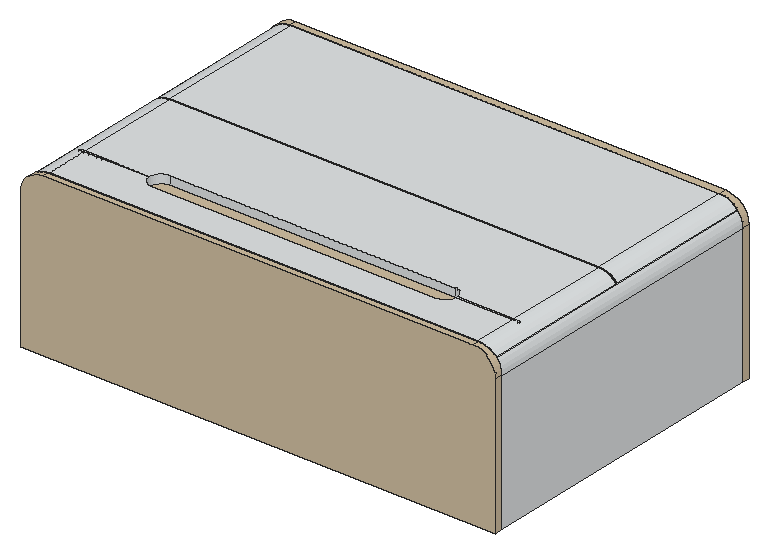
Revit family "UpperCabinet-105cm-Vitra-SentoSeries-60885+60886+60887", category Furniture Systems, host Face, Revit 2017
Family settings
  Host = Face
  Round Connector Dimension = Use Diameter
  Part Type = Normal
  OmniClass Number = 23.40.00.00
  OmniClass Title = Equipment and Furnishings
  Cut with Voids When Loaded = No
  Shared = Yes
  Room Calculation Point = No
Parameters (values of type "UpperCabinet-105cm-MatteWhite-60885")
  Youtube = "https://www.youtube.com/user/VitrAglobal"
  Width(mm) = 1050 mm
  Weight Net (kg) = "59,000"
  Warranty Period (Year) = "2"
  Uniformat II Description = "Fixed Furnishings"
  Uniformat II Code = "E2010"
  Uniclass 2015 Name = "Bathroom Cabinets"
  Uniclass 2015 Code = "Pr_40_30_78_03"
  Uniclass 2.0 Description = "Bathroom Cabinets"
  Uniclass 1.4 Description = "Bathroom Cabinets"
  Uniclass 2.0 Code = "PR-35-75-08"
  Uniclass 1.4 Code = "L8241"
  URL = "https://vitraglobal.com/"
  UNSPSC Description = "Bathroom Cabinets"
  UNSPSC Code = "30161801"
  Technical description = "https://www.vitraglobal.com/bathroom-furniture/mid-units/free/sento-upper-cabinet-105-cm-matte-white-sku-60885/print"
  Tap hole Options (default) = ""
  Specification = ""
  Secondary Material = Oak
  Region South America = "All"
  Region Oceania = "All"
  Region North America = "All"
  Region Middle East = "All"
  Region Europe = "All"
  Region Asia = "All"
  Region Antarctica = "All"
  Region Africa = "All"
  Product url = ""
  Product group = "Bathroom Furniture"
  Product family = "Sento"
  Product data url = "https://www.vitraglobal.com/bathroom-furniture/mid-units/free/sento-upper-cabinet-105-cm-matte-white-sku-60885"
  Product certification = "https://vitraglobal.com/catalogues/quality-certificates"
  Product SKU = "60885"
  Product Guid = ""
  Primary Material = MattWhite
  OmniClass Description = "Bathroom Cabinets"
  OmniClass Code = "23-31 25 13"
  Nominal width = "0.000"
  Nominal height = "0.000"
  NBS Referans Description = "Bathroom Cabinets"
  NBS Referans Code = "35-75-08"
  Model = "60885"
  Masterformat 2014 Description = "Bathroom Casework"
  Masterformat 2014 Code = "12 35 30.23"
  Manufacturer name = "Vitra"
  Manufacturer = "Vitra"
  Installation instructions = "https://cdn.vitra.com.tr/501-60885-MD.pdf"
  IFC Classification = "Furniture"
  Help = ""
  Height(mm) = 700 mm
  Design country = "Turkey"
  Description = "Sento Upper Cabinet, 105 cm"
  Depth(mm) = 355 mm
  Default Elevation = 1500 mm
  Construction Type = "Wall Mounted"
  Color = ""
  COBIe Type Category = ""
  BIMobject category = "Storage"
  Article No. (default) = "60885"
  Accessories (default) = ""
Types (4, lengths in mm): name | Technical description | Product data url | Product SKU | Primary Material | Model | Installation instructions | Article No. (default)
  (no name) | "https://www.vitraglobal.com/bathroom-furniture/mid-units/free/sento-upper-cabinet-105-cm-matte-white-sku-60885/print" | "https://www.vitraglobal.com/bathroom-furniture/mid-units/free/sento-upper-cabinet-105-cm-matte-white-sku-60885" | "60885" | MattWhite | "60885" | "https://cdn.vitra.com.tr/501-60885-MD.pdf" | "60885"
  UpperCabinet-105cm-MatteWhite-60885 | "https://www.vitraglobal.com/bathroom-furniture/mid-units/free/sento-upper-cabinet-105-cm-matte-white-sku-60885/print" | "https://www.vitraglobal.com/bathroom-furniture/mid-units/free/sento-upper-cabinet-105-cm-matte-white-sku-60885" | "60885" | MattWhite | "60885" | "https://cdn.vitra.com.tr/501-60885-MD.pdf" | "60885"
  UpperCabinet-105cm-MatteCream-60886 | "https://www.vitraglobal.com/bathroom-furniture/mid-units/free/sento-upper-cabinet-105-cm-matte-cream-sku-60886/print" | "https://www.vitraglobal.com/bathroom-furniture/mid-units/free/sento-upper-cabinet-105-cm-matte-cream-sku-60886" | "60886" | Cream | "60886" | "https://cdn.vitra.com.tr/501-60886-MD.pdf" | "60886"
  UpperCabinet-105cm-MatteAnthracite-60887 | "https://www.vitraglobal.com/bathroom-furniture/mid-units/free/sento-upper-cabinet-105-cm-matte-anthracite-sku-60887/print" | "https://www.vitraglobal.com/bathroom-furniture/mid-units/free/sento-upper-cabinet-105-cm-matte-anthracite-sku-60887" | "60887" | Matte Anthracite | "60887" | "https://cdn.vitra.com.tr/501-60887-MD.pdf" | "60887"
Reference planes
  plane 1 "Center (Front/Back)": y = 0
  plane 2: z = -0.016
  plane 3 "Center (Left/Right)": x = 0
  plane 4: z = 354.984
  plane 5: x = 359.346
  plane 6: x = -690.654
  plane 7: y = 352.44
  plane 8: y = -347.56
Forms (mm)
  Extrusion 1, solid, material "MattWhite" <- "Primary Material"
    sketch origin (-310.716, -332.56, 303.023) x (-1, 0, 0) y (0, 0, -1)
      loop
        line (-637.062, -31.961) -> (-637.062, 283.5) -> (349.938, 283.5) -> (349.938, -31.961) -> (368.338, -31.961)
        arc (368.338, -31.961) -> (376.948, -16.98) -> (379.938, 0.039) r 49.938
        line (379.938, 0.039) -> (379.938, 303) -> (-667.062, 303) -> (-667.062, 0.039)
        arc (-667.062, 0.039) -> (-664.073, -16.98) -> (-655.462, -31.961) r 49.938
        line (-655.462, -31.961) -> (-637.062, -31.961)
    from 0 to -665
  Extrusion 2, solid, material "MattWhite" <- "Primary Material"
    sketch origin (-310.716, -332.56, 303.023) x (-1, 0, 0) y (0, 0, -1)
      loop
        arc (327.969, -51.961) -> (349.182, -47.238) -> (366.388, -33.961) r 50
        line (366.388, -33.961) -> (-654.612, -33.961)
        arc (-654.612, -33.961) -> (-637.406, -47.238) -> (-616.193, -51.961) r 50
        line (-616.193, -51.961) -> (327.969, -51.961)
    from 0 to -331
  Extrusion 3, solid, material "Oak" <- "Secondary Material"
    sketch origin (-310.716, -332.56, 303.023) x (-1, 0, 0) y (0, 0, -1)
      loop
        line (-667.062, 303) -> (-667.062, -1.961)
        arc (-667.062, -1.961) -> (-652.417, -37.316) -> (-617.062, -51.961) r 50
        line (-617.062, -51.961) -> (329.938, -51.961)
        arc (329.938, -51.961) -> (365.293, -37.316) -> (379.938, -1.961) r 50
        line (379.938, -1.961) -> (379.938, 303) -> (-667.062, 303)
    from 0 to 15
  Extrusion 4, solid, material "Oak" <- "Secondary Material"
    sketch origin (-310.716, 347.44, 303.023) x (-1, 0, 0) y (0, 0, -1)
      loop
        line (-667.062, 303) -> (-667.062, -1.961)
        arc (-667.062, -1.961) -> (-652.417, -37.316) -> (-617.062, -51.961) r 50
        line (-617.062, -51.961) -> (329.938, -51.961)
        arc (329.938, -51.961) -> (365.293, -37.316) -> (379.938, -1.961) r 50
        line (379.938, -1.961) -> (379.938, 303) -> (-667.062, 303)
    from 0 to 15
  Extrusion 5, void
    sketch origin (-308.686, 22.44, 376.196) x (1, 0, 0) y (0, 1, 0)
      loop
        line (464.581, -232.5) -> (-162.471, -232.5)
        arc (-162.471, -232.5) -> (-187.471, -257.5) -> (-162.471, -282.5) r 25
        line (-162.471, -282.5) -> (464.581, -282.5)
        arc (464.581, -282.5) -> (489.581, -257.5) -> (464.581, -232.5) r 25
    from 25.706 to -40.208
  Extrusion 6, void
    sketch origin (-319.154, -276.06, 289.023) x (0, 1, 0) y (0, 0, -1)
      loop
        circle (41, -66.195) r 2
    from 441.02 to -886.254
  Extrusion 7, solid, material "Oak" <- "Secondary Material"
    sketch origin (-308.686, -332.56, 354.984) x (1, 0, 0) y (0, 1, 0)
      loop
        line (-231.314, 139.072) -> (-231.314, 54.072) -> (516.139, 54.072) -> (516.139, 139.072) -> (-231.314, 139.072)
    from -27.37 to -38.747
  Extrusion 8, solid, material "MattWhite" <- "Primary Material"
    sketch origin (-310.716, -0.06, 303.023) x (-1, 0, 0) y (0, 0, -1)
      loop
        arc (327.969, -51.961) -> (349.182, -47.238) -> (366.388, -33.961) r 50
        line (366.388, -33.961) -> (-654.612, -33.961)
        arc (-654.612, -33.961) -> (-637.406, -47.238) -> (-616.193, -51.961) r 50
        line (-616.193, -51.961) -> (327.969, -51.961)
    from 0 to -331
Cuts and joins
  Extrusion 5, Extrusion 6 cuts Extrusion 2
Dimensions and locks
  "Depth(mm)": host face to plane 4
  "Width(mm)": plane 6 to plane 5
  "Height(mm)": plane 7 to plane 8
  aligned and locked: plane 2 to host face
  aligned and locked: level to host face
Automatic sketch dimensions
  host sketch curve to host sketch curve = 2438.4 mm  (x2)
  plane 6 to Extrusion 1 sketch curve = 0 mm
  Extrusion 1 sketch curve to plane 6 = 11.6 mm
  Extrusion 1 sketch curve to plane 6 = 30 mm
  Extrusion 1 sketch curve to Extrusion 1 sketch curve = 19.938 mm
  plane 5 to Extrusion 1 sketch curve = 52.938 mm
  plane 5 to Extrusion 1 sketch curve = 33 mm
  plane 5 to Extrusion 1 sketch curve = 14.6 mm
  level to Extrusion 1 sketch curve = 0.023 mm
  plane 5 to Extrusion 1 sketch curve = 3 mm
  level to Extrusion 1 sketch curve = 19.523 mm
  plane 4 to Extrusion 1 sketch curve = 52 mm  (x2)
  Extrusion 2 sketch curve to plane 4 = 0 mm
  plane 5 to Extrusion 2 sketch curve = 15.45 mm
  Extrusion 2 sketch curve to Extrusion 2 sketch curve = 38.419 mm
  Extrusion 2 sketch curve to plane 6 = 51.969 mm
  Extrusion 2 sketch curve to plane 6 = 13.55 mm
  plane 4 to Extrusion 2 sketch curve = 18 mm
  Extrusion 3 sketch curve to plane 4 = 0 mm
  plane 6 to Extrusion 3 sketch curve = 0 mm
  plane 4 to Extrusion 3 sketch curve = 50 mm
  plane 5 to Extrusion 3 sketch curve = 53 mm
  level to Extrusion 3 sketch curve = 0.023 mm
  plane 5 to Extrusion 3 sketch curve = 3 mm
  Extrusion 4 sketch curve to plane 4 = 0 mm
  plane 6 to Extrusion 4 sketch curve = 0 mm
  plane 4 to Extrusion 4 sketch curve = 50 mm
  plane 5 to Extrusion 4 sketch curve = 53 mm
  level to Extrusion 4 sketch curve = 0.023 mm
  plane 5 to Extrusion 4 sketch curve = 3 mm
  Extrusion 5 sketch curve to plane 3 "Center (Left/Right)" = 471.156 mm
  plane 3 "Center (Left/Right)" to Extrusion 5 sketch curve = 155.896 mm
  plane 8 to Extrusion 5 sketch curve = 87.5 mm
  Extrusion 5 sketch curve to Extrusion 5 sketch curve = 25 mm
  Extrusion 6 sketch curve to plane 4 = 0.234 mm
  plane 8 to Extrusion 6 sketch curve = 112.5 mm
  Extrusion 2 to Extrusion 7 sketch curve = 54.072 mm
  Extrusion 7 sketch curve to Extrusion 2 = 98.686 mm
  Extrusion 7 sketch curve to Extrusion 2 = 98.023 mm
  Extrusion 7 sketch curve to Extrusion 7 sketch curve = 85 mm
  Extrusion 8 sketch curve to plane 4 = 0 mm
  plane 5 to Extrusion 8 sketch curve = 15.45 mm
  Extrusion 8 sketch curve to Extrusion 8 sketch curve = 38.419 mm
  Extrusion 8 sketch curve to plane 6 = 51.969 mm
  Extrusion 8 sketch curve to plane 6 = 13.55 mm
  plane 4 to Extrusion 8 sketch curve = 18 mm
  radius of Extrusion 6 sketch curve = 2 mm
